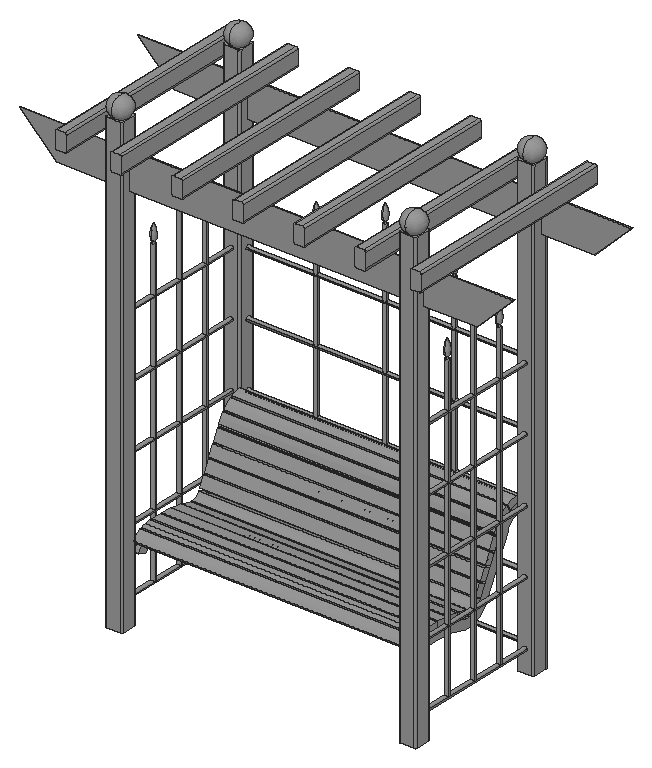
Revit family "10034 Пергола со скамейкой «Зимний сад» Хоббика", category Антураж, Revit 2018
Family settings
  На основе рабочей плоскости = Нет
  Всегда вертикально = Да
  При загрузке вырезать с полостями = Нет
  Источник визуального образа = Геометрия семейства
  Общий = Нет
  Точка расчета площади = Нет
Parameters (values of type "Пергола со скамейкой «Зимний сад»")
  Ширина = 1200 mm  # constant formula
  Цвет каркаса = Сталь
  Описание = "Пергола со скамейкой «Зимний сад»"  # constant formula
  Материал изделия = "Сталь, дерево"  # constant formula
  Изображение типоразмера = Пергола со скамейкой «Зимний сад» Арт 10034.jpg
  Изготовитель = "ООО «Хоббика»"  # constant formula
  Длина = 2700 mm  # constant formula
  Группа модели = "Перголы и шпалеры"  # constant formula
  Высота = 2600 mm  # constant formula
  Артикул товара = "Арт. 10034"  # constant formula
  URL = "https://hobbyka.ru/product/pergola_so_skameykoy_zimniy_sad/"
Reference planes
  plane 1 "По центру (Вперед/Назад)": y = 0
  plane 2: z = 0
  plane 3 "По центру (Влево/Вправо)": x = 0
  plane 4: x = 2700
  plane 5: y = 1200
  plane 6: z = 2600
Forms (mm)
  Extrusion 1, solid, material "Сталь" <- "Цвет каркаса"
    sketch origin (0, 0, -50) x (1, 0, 0) y (0, 0, 1)
      loop
        line (0, 2400) -> (200, 2200) -> (2500, 2200) -> (2700, 2400) -> (0, 2400)
    from -195 to -200
  Extrusion 2, solid, material "Сталь" <- "Цвет каркаса"
    sketch origin (0, 0, -50) x (1, 0, 0) y (0, 0, 1)
      loop
        line (0, 2400) -> (200, 2200) -> (2500, 2200) -> (2700, 2400) -> (0, 2400)
    from -1000 to -1005
  Extrusion 3, solid, material "Сталь" <- "Цвет каркаса"
    sketch origin (0, 0, -50) x (1, 0, 0) y (0, 0, 1)
      loop
        arc (2350, 2490) -> (2347.071, 2497.071) -> (2340, 2500) r 10
        line (2340, 2500) -> (2300, 2500)
        arc (2300, 2500) -> (2292.929, 2497.071) -> (2290, 2490) r 10
        line (2290, 2490) -> (2290, 2410)
        arc (2290, 2410) -> (2292.929, 2402.929) -> (2300, 2400) r 10
        line (2300, 2400) -> (2340, 2400)
        arc (2340, 2400) -> (2347.071, 2402.929) -> (2350, 2410) r 10
        line (2350, 2410) -> (2350, 2490)
      loop
        arc (2046.667, 2490) -> (2043.738, 2497.071) -> (2036.667, 2500) r 10
        line (2036.667, 2500) -> (1996.667, 2500)
        arc (1996.667, 2500) -> (1989.596, 2497.071) -> (1986.667, 2490) r 10
        line (1986.667, 2490) -> (1986.667, 2410)
        arc (1986.667, 2410) -> (1989.596, 2402.929) -> (1996.667, 2400) r 10
        line (1996.667, 2400) -> (2036.667, 2400)
        arc (2036.667, 2400) -> (2043.738, 2402.929) -> (2046.667, 2410) r 10
        line (2046.667, 2410) -> (2046.667, 2490)
      loop
        arc (1713.333, 2490) -> (1710.404, 2497.071) -> (1703.333, 2500) r 10
        line (1703.333, 2500) -> (1663.333, 2500)
        arc (1663.333, 2500) -> (1656.262, 2497.071) -> (1653.333, 2490) r 10
        line (1653.333, 2490) -> (1653.333, 2410)
        arc (1653.333, 2410) -> (1656.262, 2402.929) -> (1663.333, 2400) r 10
        line (1663.333, 2400) -> (1703.333, 2400)
        arc (1703.333, 2400) -> (1710.404, 2402.929) -> (1713.333, 2410) r 10
        line (1713.333, 2410) -> (1713.333, 2490)
      loop
        arc (1380, 2490) -> (1377.071, 2497.071) -> (1370, 2500) r 10
        line (1370, 2500) -> (1330, 2500)
        arc (1330, 2500) -> (1322.929, 2497.071) -> (1320, 2490) r 10
        line (1320, 2490) -> (1320, 2410)
        arc (1320, 2410) -> (1322.929, 2402.929) -> (1330, 2400) r 10
        line (1330, 2400) -> (1370, 2400)
        arc (1370, 2400) -> (1377.071, 2402.929) -> (1380, 2410) r 10
        line (1380, 2410) -> (1380, 2490)
      loop
        arc (1046.667, 2490) -> (1043.738, 2497.071) -> (1036.667, 2500) r 10
        line (1036.667, 2500) -> (996.667, 2500)
        arc (996.667, 2500) -> (989.596, 2497.071) -> (986.667, 2490) r 10
        line (986.667, 2490) -> (986.667, 2410)
        arc (986.667, 2410) -> (989.596, 2402.929) -> (996.667, 2400) r 10
        line (996.667, 2400) -> (1036.667, 2400)
        arc (1036.667, 2400) -> (1043.738, 2402.929) -> (1046.667, 2410) r 10
        line (1046.667, 2410) -> (1046.667, 2490)
      loop
        arc (713.333, 2490) -> (710.404, 2497.071) -> (703.333, 2500) r 10
        line (703.333, 2500) -> (663.333, 2500)
        arc (663.333, 2500) -> (656.262, 2497.071) -> (653.333, 2490) r 10
        line (653.333, 2490) -> (653.333, 2410)
        arc (653.333, 2410) -> (656.262, 2402.929) -> (663.333, 2400) r 10
        line (663.333, 2400) -> (703.333, 2400)
        arc (703.333, 2400) -> (710.404, 2402.929) -> (713.333, 2410) r 10
        line (713.333, 2410) -> (713.333, 2490)
      loop
        line (350, 2490) -> (350, 2410)
        arc (350, 2410) -> (352.929, 2402.929) -> (360, 2400) r 10
        line (360, 2400) -> (400, 2400)
        arc (400, 2400) -> (407.071, 2402.929) -> (410, 2410) r 10
        line (410, 2410) -> (410, 2490)
        arc (410, 2490) -> (407.071, 2497.071) -> (400, 2500) r 10
        line (400, 2500) -> (360, 2500)
        arc (360, 2500) -> (352.929, 2497.071) -> (350, 2490) r 10
    from 0 to -1200
  Extrusion 4, solid, material "Сталь" <- "Цвет каркаса"
    sketch origin (0, 0, 0) x (1, 0, 0) y (0, 1, 0)
      loop
        arc (510, 1050) -> (502.929, 1047.071) -> (500, 1040) r 10
        line (500, 1040) -> (500, 965)
        arc (500, 965) -> (502.929, 957.929) -> (510, 955) r 10
        line (510, 955) -> (585, 955)
        arc (585, 955) -> (592.071, 957.929) -> (595, 965) r 10
        line (595, 965) -> (595, 1040)
        arc (595, 1040) -> (592.071, 1047.071) -> (585, 1050) r 10
        line (585, 1050) -> (510, 1050)
      loop
        arc (2115, 1050) -> (2107.929, 1047.071) -> (2105, 1040) r 10
        line (2105, 1040) -> (2105, 965)
        arc (2105, 965) -> (2107.929, 957.929) -> (2115, 955) r 10
        line (2115, 955) -> (2190, 955)
        arc (2190, 955) -> (2197.071, 957.929) -> (2200, 965) r 10
        line (2200, 965) -> (2200, 1040)
        arc (2200, 1040) -> (2197.071, 1047.071) -> (2190, 1050) r 10
        line (2190, 1050) -> (2115, 1050)
      loop
        arc (510, 245) -> (502.929, 242.071) -> (500, 235) r 10
        line (500, 235) -> (500, 160)
        arc (500, 160) -> (502.929, 152.929) -> (510, 150) r 10
        line (510, 150) -> (585, 150)
        arc (585, 150) -> (592.071, 152.929) -> (595, 160) r 10
        line (595, 160) -> (595, 235)
        arc (595, 235) -> (592.071, 242.071) -> (585, 245) r 10
        line (585, 245) -> (510, 245)
      loop
        arc (2115, 245) -> (2107.929, 242.071) -> (2105, 235) r 10
        line (2105, 235) -> (2105, 160)
        arc (2105, 160) -> (2107.929, 152.929) -> (2115, 150) r 10
        line (2115, 150) -> (2190, 150)
        arc (2190, 150) -> (2197.071, 152.929) -> (2200, 160) r 10
        line (2200, 160) -> (2200, 235)
        arc (2200, 235) -> (2197.071, 242.071) -> (2190, 245) r 10
        line (2190, 245) -> (2115, 245)
    from 0 to 2500
  Revolve 5, solid, material "Сталь" <- "Цвет каркаса"
    sketch origin (547.5, -805, 0) x (0, 1, 0) y (0, 0, 1)
      loop
        arc (1002.5, 2600) -> (944.583, 2564.688) -> (965, 2500) r 55
        line (965, 2500) -> (1002.5, 2500) -> (1002.5, 2600)
      axis (1002.5, 2500) -> (1002.5, 2600)
    angle from 0 to 360
  Revolve 6, solid, material "Сталь" <- "Цвет каркаса"
    sketch origin (2152.5, -805, 0) x (0, 1, 0) y (0, 0, 1)
      loop
        arc (1002.5, 2600) -> (944.583, 2564.688) -> (965, 2500) r 55
        line (965, 2500) -> (1002.5, 2500) -> (1002.5, 2600)
      axis (1002.5, 2500) -> (1002.5, 2600)
    angle from 0 to 360
  Revolve 7, solid, material "Сталь" <- "Цвет каркаса"
    sketch origin (547.5, 0, 0) x (0, 1, 0) y (0, 0, 1)
      loop
        arc (1002.5, 2600) -> (944.583, 2564.688) -> (965, 2500) r 55
        line (965, 2500) -> (1002.5, 2500) -> (1002.5, 2600)
      axis (1002.5, 2500) -> (1002.5, 2600)
    angle from 0 to 360
  Revolve 8, solid, material "Сталь" <- "Цвет каркаса"
    sketch origin (2152.5, 0, 0) x (0, 1, 0) y (0, 0, 1)
      loop
        arc (1002.5, 2600) -> (944.583, 2564.688) -> (965, 2500) r 55
        line (965, 2500) -> (1002.5, 2500) -> (1002.5, 2600)
      axis (1002.5, 2500) -> (1002.5, 2600)
    angle from 0 to 360
  Extrusion 9, solid, material "Сталь" <- "Цвет каркаса"
    sketch origin (0, 0, 0) x (1, 0, 0) y (0, 0, 1)
      loop
        circle (2152.5, 1520) r 10
      loop
        circle (2152.5, 1170) r 10
      loop
        circle (2152.5, 820) r 10
      loop
        circle (2152.5, 470) r 10
      loop
        circle (2152.5, 120) r 10
      loop
        circle (547.5, 1520) r 10
      loop
        circle (547.5, 1170) r 10
      loop
        circle (547.5, 820) r 10
      loop
        circle (547.5, 470) r 10
      loop
        circle (547.5, 120) r 10
    from -245 to -955
  Extrusion 10, solid, material "Сталь" <- "Цвет каркаса"
    sketch origin (1550, 455, 0) x (0, 1, 0) y (0, 0, 1)
      loop
        circle (547.5, 1520) r 10
      loop
        circle (547.5, 1170) r 10
      loop
        circle (547.5, 820) r 10
      loop
        circle (547.5, 470) r 10
      loop
        circle (547.5, 120) r 10
    from 555 to -955
  Extrusion 11, solid, material "Сталь" <- "Цвет каркаса"
    sketch origin (0, 0, 0) x (1, 0, 0) y (0, 1, 0)
      loop
        circle (547.5, 777.5) r 10
      loop
        circle (547.5, 422.5) r 10
      loop
        circle (972.5, 1002.5) r 10
      loop
        circle (1727.5, 1002.5) r 10
      loop
        circle (2152.5, 777.5) r 10
      loop
        circle (2152.5, 422.5) r 10
    from 120 to 1775
  Extrusion 12, solid, material "Сталь" <- "Цвет каркаса"
    sketch origin (0, 0, 0) x (1, 0, 0) y (0, 1, 0)
      loop
        circle (1350, 1002.5) r 10
      loop
        circle (2152.5, 600) r 10
      loop
        circle (547.5, 600) r 10
    from 120 to 1900
  Revolve 13, solid, material "Сталь" <- "Цвет каркаса"
    sketch origin (547.5, 0, 0) x (0, 1, 0) y (0, 0, 1)
      loop
        arc (422.5, 1875) -> (410.298, 1836.434) -> (409.985, 1795.985) r 135.926
        arc (409.985, 1795.985) -> (417.844, 1786.961) -> (417.5, 1775) r 16.435
        line (417.5, 1775) -> (422.5, 1775) -> (422.5, 1875)
      axis (422.5, 1775) -> (422.5, 1875)
    angle from 0 to 360
  Revolve 14, solid, material "Сталь" <- "Цвет каркаса"
    sketch origin (547.5, 355, 0) x (0, 1, 0) y (0, 0, 1)
      loop
        arc (422.5, 1875) -> (410.298, 1836.434) -> (409.985, 1795.985) r 135.926
        arc (409.985, 1795.985) -> (417.844, 1786.961) -> (417.5, 1775) r 16.435
        line (417.5, 1775) -> (422.5, 1775) -> (422.5, 1875)
      axis (422.5, 1775) -> (422.5, 1875)
    angle from 0 to 360
  Revolve 15, solid, material "Сталь" <- "Цвет каркаса"
    sketch origin (547.5, 177.5, 125) x (0, 1, 0) y (0, 0, 1)
      loop
        arc (422.5, 1875) -> (410.298, 1836.434) -> (409.985, 1795.985) r 135.926
        arc (409.985, 1795.985) -> (417.844, 1786.961) -> (417.5, 1775) r 16.435
        line (417.5, 1775) -> (422.5, 1775) -> (422.5, 1875)
      axis (422.5, 1775) -> (422.5, 1875)
    angle from 0 to 360
  Revolve 16, solid, material "Сталь" <- "Цвет каркаса"
    sketch origin (2152.5, 0, 0) x (0, 1, 0) y (0, 0, 1)
      loop
        arc (422.5, 1875) -> (410.298, 1836.434) -> (409.985, 1795.985) r 135.926
        arc (409.985, 1795.985) -> (417.844, 1786.961) -> (417.5, 1775) r 16.435
        line (417.5, 1775) -> (422.5, 1775) -> (422.5, 1875)
      axis (422.5, 1775) -> (422.5, 1875)
    angle from 0 to 360
  Revolve 17, solid, material "Сталь" <- "Цвет каркаса"
    sketch origin (2152.5, 355, 0) x (0, 1, 0) y (0, 0, 1)
      loop
        arc (422.5, 1875) -> (410.298, 1836.434) -> (409.985, 1795.985) r 135.926
        arc (409.985, 1795.985) -> (417.844, 1786.961) -> (417.5, 1775) r 16.435
        line (417.5, 1775) -> (422.5, 1775) -> (422.5, 1875)
      axis (422.5, 1775) -> (422.5, 1875)
    angle from 0 to 360
  Revolve 18, solid, material "Сталь" <- "Цвет каркаса"
    sketch origin (2152.5, 177.5, 125) x (0, 1, 0) y (0, 0, 1)
      loop
        arc (422.5, 1875) -> (410.298, 1836.434) -> (409.985, 1795.985) r 135.926
        arc (409.985, 1795.985) -> (417.844, 1786.961) -> (417.5, 1775) r 16.435
        line (417.5, 1775) -> (422.5, 1775) -> (422.5, 1875)
      axis (422.5, 1775) -> (422.5, 1875)
    angle from 0 to 360
  Revolve 19, solid, material "Сталь" <- "Цвет каркаса"
    sketch origin (1350, 580, 125) x (0, 1, 0) y (0, 0, 1)
      loop
        arc (422.5, 1875) -> (410.298, 1836.434) -> (409.985, 1795.985) r 135.926
        arc (409.985, 1795.985) -> (417.844, 1786.961) -> (417.5, 1775) r 16.435
        line (417.5, 1775) -> (422.5, 1775) -> (422.5, 1875)
      axis (422.5, 1775) -> (422.5, 1875)
    angle from 0 to 360
  Revolve 20, solid, material "Сталь" <- "Цвет каркаса"
    sketch origin (1727.5, 580, 0) x (0, 1, 0) y (0, 0, 1)
      loop
        arc (422.5, 1875) -> (410.298, 1836.434) -> (409.985, 1795.985) r 135.926
        arc (409.985, 1795.985) -> (417.844, 1786.961) -> (417.5, 1775) r 16.435
        line (417.5, 1775) -> (422.5, 1775) -> (422.5, 1875)
      axis (422.5, 1775) -> (422.5, 1875)
    angle from 0 to 360
  Revolve 21, solid, material "Сталь" <- "Цвет каркаса"
    sketch origin (972.5, 580, 0) x (0, 1, 0) y (0, 0, 1)
      loop
        arc (422.5, 1875) -> (410.298, 1836.434) -> (409.985, 1795.985) r 135.926
        arc (409.985, 1795.985) -> (417.844, 1786.961) -> (417.5, 1775) r 16.435
        line (417.5, 1775) -> (422.5, 1775) -> (422.5, 1875)
      axis (422.5, 1775) -> (422.5, 1875)
    angle from 0 to 360
  Extrusion 22, solid, material "Сталь" <- "Цвет каркаса"
    sketch origin (0, 0, 0) x (0, 1, 0) y (0, 0, 1)
      loop
        arc (1002.5, 806.965) -> (907.712, 794.478) -> (847.754, 720.01) r 128.564
        line (847.754, 720.01) -> (711.557, 452.708)
        arc (711.557, 452.708) -> (673.307, 412.159) -> (619.223, 398.662) r 99.131
        arc (619.223, 398.662) -> (468.523, 431.495) -> (314.295, 430.113) r 691.591
        arc (314.295, 430.113) -> (264.055, 408.312) -> (233.861, 362.62) r 96.176
        line (233.861, 362.62) -> (281.697, 348.072)
        arc (281.697, 348.072) -> (296.194, 370.009) -> (320.316, 380.477) r 46.176
        arc (320.316, 380.477) -> (466.535, 381.427) -> (609.173, 349.245) r 641.591
        arc (609.173, 349.245) -> (695.065, 367.022) -> (756.107, 430.008) r 149.131
        line (756.107, 430.008) -> (894.533, 701.685)
        arc (894.533, 701.685) -> (936.31, 753.038) -> (1002.5, 754.235) r 78.564
        line (1002.5, 754.235) -> (1002.5, 806.965)
    from 595 to 620
  Extrusion 23, solid, material "Сталь" <- "Цвет каркаса"
    sketch origin (0, 0, 0) x (0, 1, 0) y (0, 0, 1)
      loop
        arc (1002.5, 806.965) -> (907.712, 794.478) -> (847.754, 720.01) r 128.564
        line (847.754, 720.01) -> (711.557, 452.708)
        arc (711.557, 452.708) -> (673.307, 412.159) -> (619.223, 398.662) r 99.131
        arc (619.223, 398.662) -> (468.523, 431.495) -> (314.295, 430.113) r 691.591
        arc (314.295, 430.113) -> (264.055, 408.312) -> (233.861, 362.62) r 96.176
        line (233.861, 362.62) -> (281.697, 348.072)
        arc (281.697, 348.072) -> (296.194, 370.009) -> (320.316, 380.477) r 46.176
        arc (320.316, 380.477) -> (466.535, 381.427) -> (609.173, 349.245) r 641.591
        arc (609.173, 349.245) -> (695.065, 367.022) -> (756.107, 430.008) r 149.131
        line (756.107, 430.008) -> (894.533, 701.685)
        arc (894.533, 701.685) -> (936.31, 753.038) -> (1002.5, 754.235) r 78.564
        line (1002.5, 754.235) -> (1002.5, 806.965)
    from 2080 to 2105
  Extrusion 24, solid, material "Дерево"
    sketch origin (0, 0, 0) x (0, 1, 0) y (0, 0, 1)
      loop
        line (955, 810) -> (955, 850.229)
        arc (955, 850.229) -> (925.536, 844.8) -> (897.498, 834.24) r 168.564
        line (897.498, 834.24) -> (914.867, 798.208)
        arc (914.867, 798.208) -> (934.451, 805.747) -> (955, 810) r 128.564
      loop
        arc (847.754, 720.01) -> (856.184, 740.847) -> (868.114, 759.897) r 128.564
        line (868.114, 759.897) -> (836.198, 784.01)
        arc (836.198, 784.01) -> (821.413, 760.689) -> (810.634, 735.267) r 168.564
        line (810.634, 735.267) -> (807.574, 729.259) -> (843.214, 711.1) -> (847.754, 720.01)
      loop
        line (711.556, 452.708) -> (675.916, 470.868)
        arc (675.916, 470.868) -> (656.237, 448.651) -> (628.242, 438.793) r 59.133
        line (628.242, 438.793) -> (631.785, 398.951)
        arc (631.785, 398.951) -> (678.628, 415.505) -> (711.556, 452.708) r 99.131
      loop
        line (604.31, 403.52) -> (616.266, 441.687)
        arc (616.266, 441.687) -> (587.462, 450.066) -> (558.339, 457.258) r 731.59
        line (558.339, 457.258) -> (549.55, 418.238)
        arc (549.55, 418.238) -> (577.081, 411.441) -> (604.31, 403.52) r 691.591
      loop
        arc (314.295, 430.113) -> (328.576, 431.695) -> (342.886, 432.979) r 691.591
        line (342.886, 432.979) -> (339.723, 472.856)
        arc (339.723, 472.856) -> (324.583, 471.497) -> (309.474, 469.823) r 731.59
        arc (309.474, 469.823) -> (294.712, 467.202) -> (280.328, 462.973) r 136.176
        line (280.328, 462.973) -> (293.708, 425.274)
        arc (293.708, 425.274) -> (303.868, 428.261) -> (314.295, 430.113) r 96.176
      loop
        arc (888.624, 829.634) -> (863.854, 812.779) -> (842.459, 791.805) r 168.564
        line (842.459, 791.805) -> (872.889, 765.842)
        arc (872.889, 765.842) -> (889.207, 781.839) -> (908.099, 794.694) r 128.564
        line (908.099, 794.694) -> (888.624, 829.634)
      loop
        line (803.034, 720.349) -> (775.794, 666.889) -> (811.435, 648.729) -> (838.674, 702.189) -> (803.034, 720.349)
      loop
        line (771.254, 657.979) -> (744.015, 604.519) -> (779.655, 586.359) -> (806.895, 639.819) -> (771.254, 657.979)
      loop
        line (707.695, 533.238) -> (680.456, 479.778) -> (716.096, 461.618) -> (743.336, 515.078) -> (707.695, 533.238)
      loop
        arc (548.569, 459.389) -> (519.097, 464.978) -> (489.42, 469.354) r 731.59
        line (489.42, 469.354) -> (484.398, 429.672)
        arc (484.398, 429.672) -> (512.452, 425.536) -> (540.314, 420.253) r 691.591
        line (540.314, 420.253) -> (548.569, 459.389)
      loop
        arc (479.491, 470.542) -> (449.619, 473.29) -> (419.66, 474.811) r 731.59
        line (419.66, 474.811) -> (418.452, 434.829)
        arc (418.452, 434.829) -> (446.773, 433.392) -> (475.012, 430.795) r 691.591
        line (475.012, 430.795) -> (479.491, 470.542)
      loop
        arc (409.663, 475.045) -> (379.665, 474.926) -> (349.697, 473.578) r 731.59
        line (349.697, 473.578) -> (352.315, 433.662)
        arc (352.315, 433.662) -> (380.974, 434.945) -> (409.663, 435.039) r 691.591
        line (409.663, 435.039) -> (409.663, 475.045)
      loop
        line (739.475, 595.609) -> (712.235, 542.148) -> (747.876, 523.988) -> (775.115, 577.449) -> (739.475, 595.609)
      loop
        arc (271.035, 459.286) -> (245.122, 444.291) -> (223.111, 423.996) r 136.176
        line (223.111, 423.996) -> (251.497, 395.61)
        arc (251.497, 395.61) -> (267.725, 411.242) -> (287.145, 422.669) r 96.176
        line (287.145, 422.669) -> (271.035, 459.286)
    from 595 to 2105
Cuts and joins
  joined: Extrusion 1, Extrusion 2, Extrusion 4
Dimensions and locks
  "Длина": plane 4 to plane 3 "По центру (Влево/Вправо)"
  "Ширина": plane 5 to plane 1 "По центру (Вперед/Назад)"
  "Высота": plane 6 to plane 2
  plane 5 to plane 1 "По центру (Вперед/Назад)" = 1200 mm
  plane 6 to Extrusion 3 = 150 mm
  aligned and locked: level to plane 2
Automatic sketch dimensions
  Extrusion 1 sketch curve to plane 3 "По центру (Влево/Вправо)" = 0 mm
  Extrusion 1 sketch curve to plane 4 = 0 mm
  plane 3 "По центру (Влево/Вправо)" to Extrusion 1 sketch curve = 200 mm
  Extrusion 1 sketch curve to plane 4 = 200 mm
  Extrusion 1 sketch curve to plane 6 = 450 mm
  Extrusion 1 sketch curve to plane 6 = 250 mm
  Extrusion 2 sketch curve to plane 3 "По центру (Влево/Вправо)" = 0 mm
  Extrusion 2 sketch curve to plane 4 = 0 mm
  plane 3 "По центру (Влево/Вправо)" to Extrusion 2 sketch curve = 200 mm
  Extrusion 2 sketch curve to plane 4 = 200 mm
  Extrusion 2 sketch curve to plane 6 = 450 mm
  Extrusion 2 sketch curve to plane 6 = 250 mm
  Extrusion 3 sketch curve to Extrusion 3 sketch curve = 10 mm  (x21)
  Extrusion 3 sketch curve to Extrusion 3 sketch curve = 40 mm  (x14)
  Extrusion 3 sketch curve to Extrusion 3 sketch curve = 273.333 mm  (x4)
  Extrusion 3 sketch curve to plane 6 = 250 mm  (x7)
  Extrusion 3 sketch curve to Extrusion 3 sketch curve = 80 mm  (x7)
  Extrusion 4 sketch curve to Extrusion 4 sketch curve = 10 mm  (x12)
  Extrusion 4 sketch curve to Extrusion 4 sketch curve = 75 mm  (x10)
  Extrusion 4 sketch curve to Extrusion 4 sketch curve = 85 mm  (x2)
  Revolve 5 sketch curve to plane 6 = 0 mm  (x2)
  Revolve 5 sketch curve to Revolve 5 sketch curve = 37.5 mm
  Revolve 5 sketch curve to plane 6 = 54.624 mm
  Revolve 5 sketch curve to Revolve 5 sketch curve = 0 mm  (x2)
  Revolve 6 sketch curve to plane 6 = 0 mm  (x2)
  Revolve 6 sketch curve to Revolve 6 sketch curve = 37.5 mm
  Revolve 6 sketch curve to plane 6 = 54.624 mm
  Revolve 6 sketch curve to Revolve 6 sketch curve = 0 mm  (x2)
  Revolve 7 sketch curve to plane 6 = 0 mm  (x2)
  Revolve 7 sketch curve to Revolve 7 sketch curve = 37.5 mm
  Revolve 7 sketch curve to plane 6 = 54.624 mm
  Revolve 7 sketch curve to Revolve 7 sketch curve = 0 mm  (x2)
  Revolve 8 sketch curve to plane 6 = 0 mm  (x2)
  Revolve 8 sketch curve to Revolve 8 sketch curve = 37.5 mm
  Revolve 8 sketch curve to plane 6 = 54.624 mm
  Revolve 8 sketch curve to Revolve 8 sketch curve = 0 mm  (x2)
  level to Extrusion 9 sketch curve = 120 mm  (x2)
  Extrusion 9 sketch curve to Extrusion 9 sketch curve = 350 mm  (x8)
  level to Extrusion 10 sketch curve = 120 mm
  Extrusion 10 sketch curve to Extrusion 10 sketch curve = 350 mm  (x4)
  Revolve 13 sketch curve to Revolve 13 sketch curve = 15.129 mm
  Revolve 13 sketch curve to Revolve 13 sketch curve = 5 mm
  Revolve 13 sketch curve to Revolve 13 sketch curve = 122.051 mm
  Revolve 13 sketch curve to plane 6 = 825 mm
  Revolve 13 sketch curve to Revolve 13 sketch curve = 6.42 mm
  Revolve 13 sketch curve to Revolve 13 sketch curve = 40.17 mm
  Revolve 13 sketch curve to Revolve 13 sketch curve = 93.58 mm
  Revolve 13 sketch curve to Revolve 13 sketch curve = 0 mm  (x3)
  Revolve 14 sketch curve to Revolve 14 sketch curve = 15.129 mm
  Revolve 14 sketch curve to Revolve 14 sketch curve = 5 mm
  Revolve 14 sketch curve to Revolve 14 sketch curve = 122.051 mm
  Revolve 14 sketch curve to plane 6 = 825 mm
  Revolve 14 sketch curve to Revolve 14 sketch curve = 6.42 mm
  Revolve 14 sketch curve to Revolve 14 sketch curve = 40.17 mm
  Revolve 14 sketch curve to Revolve 14 sketch curve = 93.58 mm
  Revolve 14 sketch curve to Revolve 14 sketch curve = 0 mm  (x3)
  Revolve 15 sketch curve to Revolve 15 sketch curve = 15.129 mm
  Revolve 15 sketch curve to Revolve 15 sketch curve = 5 mm
  Revolve 15 sketch curve to Revolve 15 sketch curve = 122.051 mm
  Revolve 15 sketch curve to plane 6 = 700 mm
  Revolve 15 sketch curve to Revolve 15 sketch curve = 6.42 mm
  Revolve 15 sketch curve to Revolve 15 sketch curve = 40.17 mm
  Revolve 15 sketch curve to Revolve 15 sketch curve = 93.58 mm
  Revolve 15 sketch curve to Revolve 15 sketch curve = 0 mm  (x3)
  Revolve 16 sketch curve to Revolve 16 sketch curve = 15.129 mm
  Revolve 16 sketch curve to Revolve 16 sketch curve = 5 mm
  Revolve 16 sketch curve to Revolve 16 sketch curve = 122.051 mm
  Revolve 16 sketch curve to plane 6 = 825 mm
  Revolve 16 sketch curve to Revolve 16 sketch curve = 6.42 mm
  Revolve 16 sketch curve to Revolve 16 sketch curve = 40.17 mm
  Revolve 16 sketch curve to Revolve 16 sketch curve = 93.58 mm
  Revolve 16 sketch curve to Revolve 16 sketch curve = 0 mm  (x3)
  Revolve 17 sketch curve to Revolve 17 sketch curve = 15.129 mm
  Revolve 17 sketch curve to Revolve 17 sketch curve = 5 mm
  Revolve 17 sketch curve to Revolve 17 sketch curve = 122.051 mm
  Revolve 17 sketch curve to plane 6 = 825 mm
  Revolve 17 sketch curve to Revolve 17 sketch curve = 6.42 mm
  Revolve 17 sketch curve to Revolve 17 sketch curve = 40.17 mm
  Revolve 17 sketch curve to Revolve 17 sketch curve = 93.58 mm
  Revolve 17 sketch curve to Revolve 17 sketch curve = 0 mm  (x3)
  Revolve 18 sketch curve to Revolve 18 sketch curve = 15.129 mm
  Revolve 18 sketch curve to Revolve 18 sketch curve = 5 mm
  Revolve 18 sketch curve to Revolve 18 sketch curve = 122.051 mm
  Revolve 18 sketch curve to plane 6 = 700 mm
  Revolve 18 sketch curve to Revolve 18 sketch curve = 6.42 mm
  Revolve 18 sketch curve to Revolve 18 sketch curve = 40.17 mm
  Revolve 18 sketch curve to Revolve 18 sketch curve = 93.58 mm
  Revolve 18 sketch curve to Revolve 18 sketch curve = 0 mm  (x3)
  Revolve 19 sketch curve to Revolve 19 sketch curve = 15.129 mm
  Revolve 19 sketch curve to Revolve 19 sketch curve = 5 mm
  Revolve 19 sketch curve to plane 6 = 700 mm
  Revolve 19 sketch curve to Revolve 19 sketch curve = 6.42 mm
  Revolve 19 sketch curve to Revolve 19 sketch curve = 40.17 mm
  Revolve 19 sketch curve to Revolve 19 sketch curve = 93.58 mm
  Revolve 19 sketch curve to Revolve 19 sketch curve = 0 mm  (x3)
  Revolve 20 sketch curve to Revolve 20 sketch curve = 15.129 mm
  Revolve 20 sketch curve to Revolve 20 sketch curve = 5 mm
  Revolve 20 sketch curve to plane 6 = 825 mm
  Revolve 20 sketch curve to Revolve 20 sketch curve = 6.42 mm
  Revolve 20 sketch curve to Revolve 20 sketch curve = 40.17 mm
  Revolve 20 sketch curve to Revolve 20 sketch curve = 93.58 mm
  Revolve 20 sketch curve to Revolve 20 sketch curve = 0 mm  (x3)
  Revolve 21 sketch curve to Revolve 21 sketch curve = 15.129 mm
  Revolve 21 sketch curve to Revolve 21 sketch curve = 5 mm
  Revolve 21 sketch curve to plane 6 = 825 mm
  Revolve 21 sketch curve to Revolve 21 sketch curve = 6.42 mm
  Revolve 21 sketch curve to Revolve 21 sketch curve = 40.17 mm
  Revolve 21 sketch curve to Revolve 21 sketch curve = 93.58 mm
  Revolve 21 sketch curve to Revolve 21 sketch curve = 0 mm  (x3)
  Extrusion 22 sketch curve to Extrusion 22 sketch curve = 0 mm  (x14)
  Extrusion 22 sketch curve to Extrusion 22 sketch curve = 47.837 mm
  Extrusion 22 sketch curve to Extrusion 22 sketch curve = 44.178 mm
  Extrusion 22 sketch curve to Extrusion 22 sketch curve = 297.354 mm
  Extrusion 22 sketch curve to Extrusion 22 sketch curve = 88.327 mm
  Extrusion 22 sketch curve to Extrusion 22 sketch curve = 44.55 mm
  Extrusion 22 sketch curve to Extrusion 22 sketch curve = 46.779 mm
  Extrusion 22 sketch curve to Extrusion 22 sketch curve = 76.16 mm
  Extrusion 22 sketch curve to level = 256.446 mm
  level to Extrusion 22 sketch curve = 334.636 mm
  Extrusion 22 sketch curve to Extrusion 22 sketch curve = 13.436 mm
  Extrusion 22 sketch curve to Extrusion 22 sketch curve = 14.548 mm
  level to Extrusion 22 sketch curve = 430.008 mm
  Extrusion 22 sketch curve to Extrusion 22 sketch curve = 22.7 mm
  Extrusion 22 sketch curve to Extrusion 22 sketch curve = 45.005 mm
  Extrusion 22 sketch curve to Extrusion 22 sketch curve = 252.389 mm
  Extrusion 22 sketch curve to Extrusion 22 sketch curve = 19.288 mm
  Extrusion 22 sketch curve to Extrusion 22 sketch curve = 18.325 mm
  Extrusion 23 sketch curve to Extrusion 23 sketch curve = 0 mm  (x14)
  Extrusion 23 sketch curve to Extrusion 23 sketch curve = 47.837 mm
  Extrusion 23 sketch curve to Extrusion 23 sketch curve = 44.178 mm
  Extrusion 23 sketch curve to Extrusion 23 sketch curve = 297.354 mm
  Extrusion 23 sketch curve to Extrusion 23 sketch curve = 88.327 mm
  Extrusion 23 sketch curve to Extrusion 23 sketch curve = 44.55 mm
  Extrusion 23 sketch curve to Extrusion 23 sketch curve = 46.779 mm
  Extrusion 23 sketch curve to Extrusion 23 sketch curve = 76.16 mm
  Extrusion 23 sketch curve to level = 256.446 mm
  level to Extrusion 23 sketch curve = 334.636 mm
  Extrusion 23 sketch curve to Extrusion 23 sketch curve = 13.436 mm
  Extrusion 23 sketch curve to Extrusion 23 sketch curve = 14.548 mm
  level to Extrusion 23 sketch curve = 430.008 mm
  Extrusion 23 sketch curve to Extrusion 23 sketch curve = 22.7 mm
  Extrusion 23 sketch curve to Extrusion 23 sketch curve = 45.005 mm
  Extrusion 23 sketch curve to Extrusion 23 sketch curve = 252.389 mm
  Extrusion 23 sketch curve to Extrusion 23 sketch curve = 19.288 mm
  Extrusion 23 sketch curve to Extrusion 23 sketch curve = 18.325 mm
  Extrusion 24 sketch curve to Extrusion 24 sketch curve = 0.007 mm
  Extrusion 24 sketch curve to Extrusion 24 sketch curve = 0.015 mm
  Extrusion 24 sketch curve to Extrusion 24 sketch curve = 297.352 mm
  Extrusion 24 sketch curve to Extrusion 24 sketch curve = 0.002 mm
  Extrusion 24 sketch curve to Extrusion 24 sketch curve = 52.686 mm
  Extrusion 24 sketch curve to Extrusion 24 sketch curve = 0 mm  (x68)
  Extrusion 24 sketch curve to level = 256.446 mm
  Extrusion 24 sketch curve to Extrusion 24 sketch curve = 0.001 mm  (x3)
  Extrusion 24 sketch curve to Extrusion 24 sketch curve = 126.982 mm
  Extrusion 24 sketch curve to Extrusion 24 sketch curve = 18.16 mm
  Extrusion 24 sketch curve to Extrusion 24 sketch curve = 17.935 mm
  Extrusion 24 sketch curve to Extrusion 24 sketch curve = 11.573 mm
  Extrusion 24 sketch curve to Extrusion 24 sketch curve = 4.822 mm
  Extrusion 24 sketch curve to Extrusion 24 sketch curve = 20.587 mm
  Extrusion 24 sketch curve to Extrusion 24 sketch curve = 6.563 mm
  Extrusion 24 sketch curve to Extrusion 24 sketch curve = 29.145 mm
  Extrusion 24 sketch curve to Extrusion 24 sketch curve = 35.648 mm
  Extrusion 24 sketch curve to Extrusion 24 sketch curve = 28.386 mm  (x2)
  Extrusion 24 sketch curve to Extrusion 24 sketch curve = 30.25 mm
  Extrusion 24 sketch curve to Extrusion 24 sketch curve = 28.591 mm
  Extrusion 24 sketch curve to Extrusion 24 sketch curve = 9.974 mm
  Extrusion 24 sketch curve to Extrusion 24 sketch curve = 9.428 mm
  Extrusion 24 sketch curve to Extrusion 24 sketch curve = 57.348 mm
  Extrusion 24 sketch curve to Extrusion 24 sketch curve = 8.789 mm
  Extrusion 24 sketch curve to Extrusion 24 sketch curve = 56.56 mm
  Extrusion 24 sketch curve to Extrusion 24 sketch curve = 4.479 mm
  Extrusion 24 sketch curve to Extrusion 24 sketch curve = 9.386 mm
  Extrusion 24 sketch curve to Extrusion 24 sketch curve = 55.916 mm
  Extrusion 24 sketch curve to Extrusion 24 sketch curve = 8.256 mm
  Extrusion 24 sketch curve to Extrusion 24 sketch curve = 9.77 mm
  Extrusion 24 sketch curve to Extrusion 24 sketch curve = 25.564 mm
  Extrusion 24 sketch curve to Extrusion 24 sketch curve = 6.261 mm
  Extrusion 24 sketch curve to Extrusion 24 sketch curve = 31.916 mm
  Extrusion 24 sketch curve to Extrusion 24 sketch curve = 46.164 mm
  Extrusion 24 sketch curve to Extrusion 24 sketch curve = 8.874 mm
  Extrusion 24 sketch curve to Extrusion 24 sketch curve = 19.475 mm
  Extrusion 24 sketch curve to Extrusion 24 sketch curve = 6.768 mm
  Extrusion 24 sketch curve to Extrusion 24 sketch curve = 4.54 mm  (x10)
  Extrusion 24 sketch curve to Extrusion 24 sketch curve = 27.24 mm  (x4)
  Extrusion 24 sketch curve to Extrusion 24 sketch curve = 3.061 mm
  Extrusion 24 sketch curve to Extrusion 24 sketch curve = 4.775 mm
  Extrusion 24 sketch curve to Extrusion 24 sketch curve = 28.702 mm
  Extrusion 24 sketch curve to Extrusion 24 sketch curve = 31.101 mm
  Extrusion 24 sketch curve to Extrusion 24 sketch curve = 9.236 mm
  Extrusion 24 sketch curve to Extrusion 24 sketch curve = 9.929 mm
  Extrusion 24 sketch curve to Extrusion 24 sketch curve = 9.293 mm
  Extrusion 24 sketch curve to Extrusion 24 sketch curve = 68.884 mm
  Extrusion 24 sketch curve to Extrusion 24 sketch curve = 34.503 mm
  Extrusion 24 sketch curve to Extrusion 24 sketch curve = 11.956 mm
  Extrusion 24 sketch curve to Extrusion 24 sketch curve = 27.475 mm
  Extrusion 24 sketch curve to Extrusion 24 sketch curve = 0.722 mm
  Extrusion 24 sketch curve to Extrusion 24 sketch curve = 9.997 mm
  Extrusion 24 sketch curve to Extrusion 24 sketch curve = 0.683 mm
  Extrusion 24 sketch curve to Extrusion 24 sketch curve = 0.234 mm
  Extrusion 24 sketch curve to Extrusion 24 sketch curve = 0.21 mm
  Extrusion 24 sketch curve to Extrusion 24 sketch curve = 1.123 mm
  Extrusion 24 sketch curve to Extrusion 24 sketch curve = 1.188 mm
  Extrusion 24 sketch curve to Extrusion 24 sketch curve = 2.131 mm
  Extrusion 24 sketch curve to Extrusion 24 sketch curve = 11.976 mm
  Extrusion 24 sketch curve to Extrusion 24 sketch curve = 2.014 mm
  Extrusion 24 sketch curve to Extrusion 24 sketch curve = 2.894 mm
  Extrusion 24 sketch curve to Extrusion 24 sketch curve = 8.91 mm  (x9)
  Extrusion 24 sketch curve to Extrusion 24 sketch curve = 19.792 mm
  Extrusion 24 sketch curve to Extrusion 24 sketch curve = 6.007 mm
  Extrusion 24 sketch curve to Extrusion 24 sketch curve = 40.229 mm
  Extrusion 24 sketch curve to Extrusion 24 sketch curve = 50.103 mm
  Extrusion 24 sketch curve to Extrusion 24 sketch curve = 7.795 mm
  Extrusion 24 sketch curve to Extrusion 24 sketch curve = 5.946 mm
  Extrusion 3 sketch curve to Extrusion 3 sketch curve = 243.333 mm  (x2)
  Extrusion 4 sketch curve to plane 4 = 595 mm  (x2)
  Extrusion 9 sketch curve to plane 4 = 547.5 mm
  Extrusion 9 sketch curve to Extrusion 9 sketch curve = 0 mm  (x7)
  Extrusion 11 sketch curve to Extrusion 11 sketch curve = 755 mm
  Extrusion 11 sketch curve to plane 4 = 547.5 mm
  Extrusion 11 sketch curve to Extrusion 11 sketch curve = 0 mm  (x2)
  Extrusion 12 sketch curve to plane 4 = 547.5 mm
  plane 3 "По центру (Влево/Вправо)" to Extrusion 3 sketch curve = 350 mm
  plane 3 "По центру (Влево/Вправо)" to Extrusion 4 sketch curve = 595 mm  (x2)
  plane 3 "По центру (Влево/Вправо)" to Extrusion 9 sketch curve = 547.5 mm  (x2)
  Extrusion 11 sketch curve to Extrusion 11 sketch curve = 425 mm  (x2)
  Extrusion 12 sketch curve to Extrusion 12 sketch curve = 802.5 mm
  plane 3 "По центру (Влево/Вправо)" to Extrusion 12 sketch curve = 547.5 mm
  Extrusion 4 sketch curve to plane 5 = 245 mm  (x2)
  Revolve 7 sketch curve to plane 5 = 235 mm
  Revolve 7 sketch curve to Revolve 7 sketch curve = 6.419 mm
  Revolve 8 sketch curve to plane 5 = 235 mm
  Revolve 8 sketch curve to Revolve 8 sketch curve = 6.419 mm
  Extrusion 10 sketch curve to plane 5 = 197.5 mm  (x5)
  Extrusion 11 sketch curve to Extrusion 11 sketch curve = 355 mm  (x2)
  Extrusion 11 sketch curve to plane 5 = 197.5 mm  (x2)
  Extrusion 12 sketch curve to plane 5 = 197.5 mm
  Revolve 14 sketch curve to plane 5 = 442.629 mm
  Revolve 17 sketch curve to plane 5 = 442.629 mm
  Revolve 19 sketch curve to plane 5 = 217.629 mm
  Revolve 19 sketch curve to plane 5 = 75.449 mm
  Revolve 20 sketch curve to plane 5 = 217.629 mm
  Revolve 20 sketch curve to plane 5 = 75.449 mm
  Revolve 21 sketch curve to plane 5 = 217.629 mm
  Revolve 21 sketch curve to plane 5 = 75.449 mm
  Extrusion 22 sketch curve to Extrusion 22 sketch curve = 136.197 mm
  Extrusion 22 sketch curve to Extrusion 22 sketch curve = 31.807 mm
  Extrusion 23 sketch curve to Extrusion 23 sketch curve = 136.197 mm
  Extrusion 23 sketch curve to Extrusion 23 sketch curve = 31.807 mm
  Extrusion 24 sketch curve to Extrusion 24 sketch curve = 40.133 mm
  Extrusion 24 sketch curve to Extrusion 24 sketch curve = 122.939 mm
  Extrusion 4 sketch curve to plane 1 "По центру (Вперед/Назад)" = 245 mm  (x2)
  Revolve 5 sketch curve to plane 1 "По центру (Вперед/Назад)" = 160 mm
  Revolve 5 sketch curve to Revolve 5 sketch curve = 6.419 mm
  Revolve 6 sketch curve to plane 1 "По центру (Вперед/Назад)" = 160 mm
  Revolve 6 sketch curve to Revolve 6 sketch curve = 6.419 mm
  Extrusion 11 sketch curve to plane 5 = 422.5 mm  (x2)
  Extrusion 12 sketch curve to plane 1 "По центру (Вперед/Назад)" = 600 mm  (x2)
  Revolve 13 sketch curve to plane 1 "По центру (Вперед/Назад)" = 402.371 mm
  Revolve 15 sketch curve to plane 1 "По центру (Вперед/Назад)" = 579.871 mm
  Revolve 16 sketch curve to plane 1 "По центру (Вперед/Назад)" = 402.371 mm
  Revolve 18 sketch curve to plane 1 "По центру (Вперед/Назад)" = 579.871 mm
  Extrusion 22 sketch curve to plane 1 "По центру (Вперед/Назад)" = 233.861 mm
  Extrusion 22 sketch curve to plane 1 "По центру (Вперед/Назад)" = 397.568 mm
  Extrusion 23 sketch curve to plane 1 "По центру (Вперед/Назад)" = 233.861 mm
  Extrusion 23 sketch curve to plane 1 "По центру (Вперед/Назад)" = 397.568 mm
  Extrusion 24 sketch curve to plane 1 "По центру (Вперед/Назад)" = 223.111 mm
  Extrusion 24 sketch curve to plane 1 "По центру (Вперед/Назад)" = 397.554 mm
  radius of Extrusion 9 sketch curve = 10 mm  (x10)
  radius of Extrusion 10 sketch curve = 10 mm  (x5)
  radius of Extrusion 11 sketch curve = 10 mm  (x6)
  radius of Extrusion 12 sketch curve = 10 mm  (x3)
